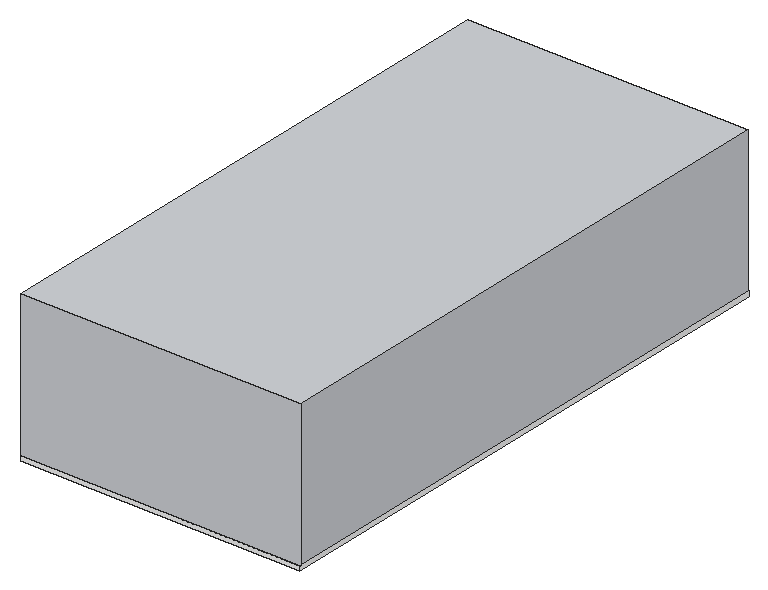
Revit family "Recessed Troffer Face Based", category Lighting Fixtures, Revit 2019
Family settings
  Round Connector Dimension = Use Diameter
  Part Type = Normal
  OmniClass Number = 23.80.70.00
  OmniClass Title = Lighting
  Work Plane-Based = Yes
  Always vertical = Yes
  Cut with Voids When Loaded = No
  Light Source = Yes
  Shared = No
  Room Calculation Point = Yes
Parameters (values of type "L21.3 Revalo RV06327DD 25W 4000K Insulated Panel 600x300")
  Width/2 = Width / 2  # 150 mm
  Width = 300 mm
  Wattage = 5.27124 W
  built-in parameter 1150110 = 1 (stored number, unit not read)
  Type Comments = "L21.3"
  built-in parameter 1114217 = 0.8 (stored number, unit not read)
  Tilt Angle = 90.00°
  built-in parameter 1150109 = 1 (stored number, unit not read)
  built-in parameter 1150134 = 12
  built-in parameter 1150113 = 1 (stored number, unit not read)
  Photometric Web File = "Slender Panel 1200x300 700MA UGR19 4000K.IES"
  PRL_LTGSchedule_Output = ""
  PRL_LTGSchedule_Manufacturer = ""
  PRL_LTGSchedule_Lifetime = ""
  PRL_LTGSchedule_Installation = ""
  PRL_LTGSchedule_Description = ""
  PRL_LTGSchedule_Control = ""
  PRL_LTGSchedule_Classification = ""
  PRL_LTGSchedule_CatNo = ""
  PRL_LTGSchedule_CCT = ""
  PRL_LTGSchedule_AppearsInSchedule = yes
  PRL_LTGSchedule_Accessories = ""
  PRL_AppearsInSchedule = yes
  Lumens = 783 lm
  built-in parameter 1150115 = 1 (stored number, unit not read)
  built-in parameter 1150105 = 62.309 (stored number, unit not read)
  built-in parameter 1150137 = (empty or 0)
  built-in parameter 1150139 = (empty or 0)
  Length/2 = Length / 2  # 300 mm
  Length = 600 mm
  built-in parameter 1150112 = 1 (stored number, unit not read)
  built-in parameter 1150114 = 1 (stored number, unit not read)
  built-in parameter 1150132 = 2
  built-in parameter 1150102 = (empty or 0)
  built-in parameter 1150138 = (empty or 0)
  built-in parameter 1150107 = 4000 (stored number, unit not read)
  built-in parameter 1150106 = 0.62309 (stored number, unit not read)
  Family Revision = 10
  Emit from Rectangle Width = 600 mm
  Emit from Rectangle Length = 300 mm
  Emit Shape Visible in Rendering = yes
  built-in parameter 1150104 = 13.8 (stored number, unit not read)
  Dimming Lamp Color Temperature Shift = <None>
  Default Elevation = 1219.2 mm
  Color Filter = 16777215
  built-in parameter 1114218 = 1 (stored number, unit not read)
  built-in parameter 1150133 = 10 (stored number, unit not read)
  Apparent Load = 25 VA
Types (10, lengths in mm): name | Wattage | Type Comments | built-in parameter 1114217 | PRL_LTGSchedule_Output | PRL_LTGSchedule_Manufacturer | PRL_LTGSchedule_Lifetime | PRL_LTGSchedule_Installation | PRL_LTGSchedule_Description | PRL_LTGSchedule_Control | PRL_LTGSchedule_CatNo | PRL_LTGSchedule_CCT | PRL_LTGSchedule_Accessories | Lumens | built-in parameter 1150105 | Length/2 | Length | built-in parameter 1150106 | Emit from Rectangle Width
  L21.3 Revalo RV06327DD 25W 4000K Insulated Panel 600x300 | 5.27124 W | "L21.3" | 0.8 (stored number, unit not read) | "" | "" | "" | "" | "" | "" | "" | "" | "" | 783 lm | 62.309 (stored number, unit not read) | 300 | 600 | 0.62309 (stored number, unit not read) | 600
  L21.1 Revalo RV06327DD 25W 4000K T-Rail 600x300 DALI | 18.7354 W | "L21.1" | 0.8 (stored number, unit not read) | "" | "" | "" | "" | "" | "" | "" | "" | "" | 2783 lm | 221.46 (stored number, unit not read) | 300 | 600 | 2.2146 (stored number, unit not read) | 1200
  L11.2 Revalo RV12355 48W 4000K Gib 1200x300 | 18.7354 W | "L11.2" | 0.8 (stored number, unit not read) | "" | "" | "" | "" | "" | "" | "" | "" | "" | 2783 lm | 221.46 (stored number, unit not read) | 600 | 1200 | 2.2146 (stored number, unit not read) | 1200
  L11.1 Revalo RV12355 48W 4000K T-Rail 1200x300 | 37.0266 W | "L11.1" | 0.83 (stored number, unit not read) | "48W LED\r\n5500 lm" | "Energylight" | "50,000 Hrs\r\nL90" | "Recessed in T-Rail Grid Ceiling" | "Recessed 1200 x 300 LED Module complete with framed Y5 diffuser & seismic restraint." | "Fixed output electronic driver" | "Revalo 300\r\nRV12355" | "4000K\r\nCRI=80+" | "" | 5500 lm | 437.68 (stored number, unit not read) | 600 | 1200 | 4.3768 (stored number, unit not read) | 1200
  L10.3 Revalo RV12355DD 48W 4000K Insulated Panel 1200x300 DALI | 18.7354 W | "L10.3" | 0.8 (stored number, unit not read) | "" | "" | "" | "" | "" | "" | "" | "" | "" | 2783 lm | 221.46 (stored number, unit not read) | 600 | 1200 | 2.2146 (stored number, unit not read) | 1200
  L10.2 Revalo RV12355DD 48W 4000K Gib 1200x300 DALI | 37.0266 W | "L10.2" | 0.8 (stored number, unit not read) | "48W LED\r\n5500 lm" | "Energylight" | "50,000 Hrs\r\nL90" | "Recessed in Plaster/Gib Ceiling" | "Recessed 1200 x 300 LED Module complete with framed Y5 diffuser & seismic restraint." | "Casambi Enabled DALI Dimmable Electronic Driver (Tridonic BasicDIM Wireless Or Casambi CBU-ASD Module)." | "Revalo 300\r\nRV12355DD" | "4000K\r\nCRI=80+" | "Recessing kit" | 5500 lm | 437.68 (stored number, unit not read) | 600 | 1200 | 4.3768 (stored number, unit not read) | 1200
  L10.1 Revalo RV12355DD 48W 4000K T-Rail 1200x300 DALI | 18.7354 W | "L10.1" | 0.8 (stored number, unit not read) | "" | "" | "" | "" | "" | "" | "" | "" | "" | 2783 lm | 221.46 (stored number, unit not read) | 600 | 1200 | 2.2146 (stored number, unit not read) | 1200
  L21.2 Revalo RV06327DD 25W 4000K Gib 600x300 DALI | 18.7354 W | "L21.2" | 0.8 (stored number, unit not read) | "" | "" | "" | "" | "" | "" | "" | "" | "" | 2783 lm | 221.46 (stored number, unit not read) | 300 | 600 | 2.2146 (stored number, unit not read) | 1200
  L10.1 Revalo RV12355DD 48W 4000K T-Rail 1200x300 DALI 2 Delete | 18.7354 W | "L10.1d" | (empty or 0) | "" | "" | "" | "" | "" | "" | "" | "" | "" | 2783 lm | 221.46 (stored number, unit not read) | 600 | 1200 | 2.2146 (stored number, unit not read) | 1200
  M2 Revalo RV12355DD 48W 4000K Gib 1200x300 DALI | 37.0266 W | "M2" | 0.8 (stored number, unit not read) | "48W LED\r\n5500 lm" | "Energylight" | "50,000 Hrs\r\nL90" | "Recessed in Plaster/Gib Ceiling" | "Recessed 1200 x 300 LED Module complete with framed Y5 diffuser & seismic restraint." | "Casambi Enabled DALI Dimmable Electronic Driver (Tridonic BasicDIM Wireless Or Casambi CBU-ASD Module)." | "Revalo 300\r\nRV12355DD" | "4000K\r\nCRI=80+" | "Recessing kit" | 5500 lm | 437.68 (stored number, unit not read) | 600 | 1200 | 4.3768 (stored number, unit not read) | 1200
Reference planes
  plane 1 "Light Source Axis (F/B)": y = 0
  plane 2: z = 0
  plane 3 "Light Source Axis (L/R)": x = 0
  plane 4 "Light Source Elevation": z = -10
  plane 5: y = 300
  plane 6: y = -300
  plane 7: x = 150
  plane 8: x = -150
Forms (mm)
  Extrusion 1, solid
    sketch origin (6.395, 0, 0) x (1, 0, 0) y (0, 1, 0)
      loop
        line (-156.395, -300) -> (143.605, -300) -> (143.605, 300) -> (-156.395, 300) -> (-156.395, -300)
    from -5 to 150
  Extrusion 2, solid, material "Default Light Source(1)"
    sketch origin (0, 0, 0) x (1, 0, 0) y (0, 1, 0)
      loop
        line (-150, 300) -> (-150, -300) -> (150, -300) -> (150, 300) -> (-150, 300)
    from -10 to -5
Lines and regions (mm)
  model lines, style "4"
    curve 1: line (-150, 300, 0) -> (150, 300, 0)
    curve 2: line (150, 300, 0) -> (150, -300, 0)
    curve 3: line (150, -300, 0) -> (-150, -300, 0)
    curve 4: line (-150, -300, 0) -> (-150, 300, 0)
    curve 5: line (-150, 300, 0) -> (150, -300, 0)
Dimensions and locks
  "Length": plane 5 to plane 6
  "Width": plane 8 to plane 7
  "Width/2": plane 8 to plane 3 "Light Source Axis (L/R)"
  "Length/2": plane 6 to plane 1 "Light Source Axis (F/B)"
  aligned and locked: plane 3 "Light Source Axis (L/R)" to imposter light
  aligned and locked: plane 1 "Light Source Axis (F/B)" to imposter light
  aligned and locked: plane 4 "Light Source Elevation" to imposter light
  aligned and locked: level to plane 2
  aligned and locked: Extrusion 1 to Extrusion 2
  aligned and locked: Extrusion 2 to Extrusion 1  (x3)
Automatic sketch dimensions
  Extrusion 1 sketch curve to plane 5 = 0 mm
  Extrusion 1 sketch curve to plane 8 = 0 mm
  plane 6 to Extrusion 1 sketch curve = 0 mm
  Extrusion 1 sketch curve to plane 7 = 0 mm
  Extrusion 2 sketch curve to plane 6 = 0 mm
  Extrusion 2 sketch curve to plane 8 = 0 mm
  plane 5 to Extrusion 2 sketch curve = 0 mm
  Extrusion 2 sketch curve to plane 7 = 0 mm
  curve 1 to plane 7 = 0 mm
  curve 3 to plane 6 = 0 mm
  curve 4 to plane 5 = 0 mm
  curve 5 to plane 8 = 0 mm
Connectors
  electrical at (0, 0, -314.8), driven by "Apparent Load"
    settings: on imposter light, index 1, voltage 230 V, apparent load 25 VA, apparent load phase1 0 VA, apparent load phase2 0 VA, apparent load phase3 0 VA, power factor 1, load classification "Lighting", number of poles 1, system type 30, power factor state 1, is connector primary yes, connector utility no, sub classification motor no, connector description ""
